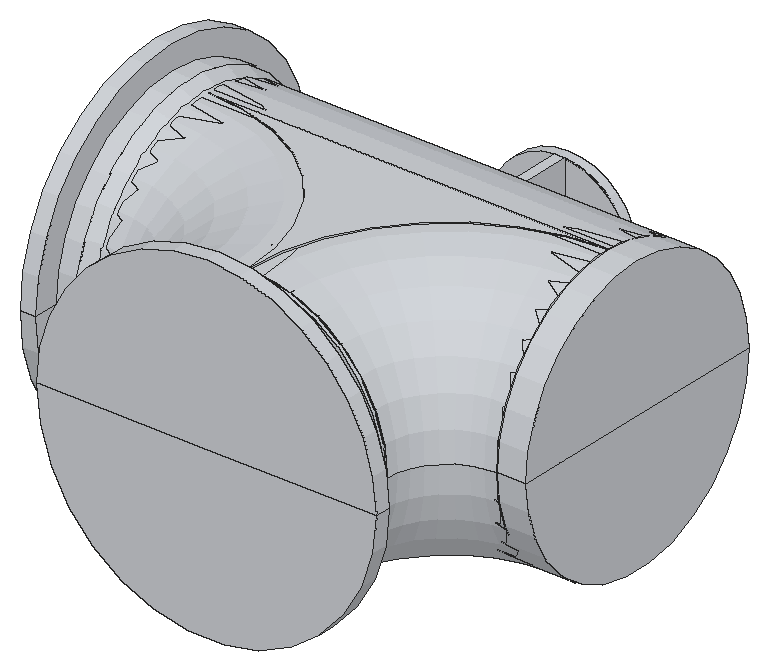
Revit family "fd4755c70e454b188b43645dc46091f0", category Pipe Fittings, Revit 2021
Family settings
  Round Connector Dimension = Use Radius
  Part Type = Tee
  OmniClass Number = 23.60.30.11.14
  OmniClass Title = Pipework Fittings
  Seek Item ID = Tee - PVC - Sch 40-0000-USA-ENU
  Work Plane-Based = No
  Always vertical = Yes
  Cut with Voids When Loaded = No
  Shared = No
Parameters (values of type "Standard")
  Tick Size [instance] = Fitting Outside Diameter * 0.4  # 12.8000"
  Socket Outside Radius [instance] = Socket Outside Diameter / 2  # 16.7500"
  Socket Outside Diameter [instance] = size_lookup(Lookup Table Name, "SOD", 1.08 * Nominal Diameter + 1.1300", Nominal Diameter)  # 33.5000"
  Socket Depth [instance] = if(Nominal Diameter < 14.0000", 2.5000", if(Nominal Diameter < 30.0000", 3.5000", 4.0000"))  # 4.0000"
  Round Base Radius [instance] = Round Base Diameter / 2  # 8.0000"
  Round Base Diameter [instance] = size_lookup(Lookup Table Name, "RBD", 0.43 * Nominal Diameter + 4.7200", Nominal Diameter)  # 16.0000"
  Rib Thickness [instance] = size_lookup(Lookup Table Name, "RThk", 0.03 * Nominal Diameter + 0.4900", Nominal Diameter)  # 1.1500"
  Lookup Table Name = "Base Tee - MJ x PE - DI - Class 250"
  Length 1 [instance] = if(Fitting Outside Radius > Round Base Radius, Round Base Radius, Fitting Outside Radius)  # 8.0000"
  Fitting Outside Radius [instance] = Fitting Outside Diameter / 2  # 16.0000"
  Fitting Outside Diameter [instance] = size_lookup(Lookup Table Name, "FOD", 1.04 * Nominal Diameter + 0.7000", Nominal Diameter)  # 32.0000"
  Nominal Radius [instance] = 15.0000"
  Nominal Diameter [instance] = Nominal Radius * 2  # 30.0000"
  Loss Method = K Coefficient from Table
  K Coefficient Table = "Tee"
  Default Elevation = 0.0000"
  Bevel Length [instance] = size_lookup(Lookup Table Name, "BvLgt", 0.04 * Nominal Diameter + 0.4300", Nominal Diameter)  # 1.5000"
  Center to Socket Bottom 2 Label [instance] = if(Center Radius > Center to Socket Bottom 2, Center Radius + 7.0000", Center to Socket Bottom 2)  # 26.3700"
  Center to Socket Bottom 2 [instance] = size_lookup(Lookup Table Name, "CtSB2", 9.1000" + 0.688 * Nominal Diameter, Nominal Diameter)  # 26.3700"
  Center to Socket Bottom 1 [instance] = size_lookup(Lookup Table Name, "CtSB1", 3.2500" + 0.754 * Nominal Diameter, Nominal Diameter)  # 25.0000"
  Center to Face [instance] = size_lookup(Lookup Table Name, "CtF", 0.65 * Nominal Diameter + 3.1200", Nominal Diameter)  # 23.0000"
  Center Radius Label [instance] = if(Center to Socket Bottom 1 - Center Radius - Bevel Length < 0.5000", Center to Socket Bottom 1 - Bevel Length - 0.5000", Center Radius)  # 23.0000"
  Center Radius [instance] = size_lookup(Lookup Table Name, "CRad", 2.7600" + 0.7232 * Nominal Diameter, Nominal Diameter)  # 23.5000"
  Base Thickness [instance] = size_lookup(Lookup Table Name, "BThk", 0.03 * Nominal Diameter + 0.4900", Nominal Diameter)  # 1.1900"
  Gland Width [instance] = size_lookup(Lookup Table Name, "GWid", 0.03 * Nominal Diameter + 0.9400", Nominal Diameter)  # 1.8100"
  Gland Outside Radius [instance] = Gland Outside Diameter / 2  # 19.5600"
  Gland Outside Diameter [instance] = size_lookup(Lookup Table Name, "GOD", 1.16 * Nominal Diameter + 4.0300", Nominal Diameter)  # 39.1200"
  Angle [instance] = 90.00°  # constant formula
Reference planes (in)
  plane 1 "Center (Front/Back)": y = 0
  plane 2: z = 0
  plane 3 "Center (Left/Right)": x = 0
  plane 4: y = -25
  plane 5: y = 19.56
  plane 6: y = 16.75
  plane 7: y = 16
  plane 8: x = -29
  plane 9: x = -27.19
  plane 10: x = -23.5
  plane 11: x = -25
  plane 12: x = 26.37
  plane 13: x = -16
  plane 14: x = -16.75
  plane 15: x = -19.56
  plane 16: y = -23.5
  plane 17: y = -29
  plane 18: y = -27.19
  plane 19: y = -23
  plane 20: x = -23
  plane 21: x = 23
  plane 22: z = 16
  plane 23: z = -16
  plane 24: y = 12.8
  plane 25: y = -12.8
  plane 26: x = -12.8
  plane 27: x = 12.8
  plane 28: y = 23
  plane 29: y = 21.81
  plane 30: x = -0.575
  plane 31: x = 0.575
  plane 32: z = 0.575
  plane 33: z = -0.575
Forms (in)
  Revolve 1, solid, detail levels fine
    sketch origin (0, 0, 0) x (1, 0, 0) y (0, 1, 0)
      loop
        line (-29, 0) -> (26.37, 0) -> (26.37, 16) -> (-23.5, 16) -> (-25, 16.75) -> (-27.19, 16.75) -> (-27.19, 19.56) -> (-29, 19.56) -> (-29, 0)
      axis (-29, 0) -> (26.37, 0)
    angle from 0 to 360
  Sweep 2, solid, detail levels fine
    path origin (0, 0, 0) x (1, 0, 0) y (0, 1, 0)
      loop
        arc (-23, 0) -> (-6.73654, -6.73654) -> (0, -23) r 23
    profile origin (0, -23, 0) x (1, 0, 0) y (0, 0, 1)
      loop
        circle (0, 0) r 16
  Sweep 3, solid, detail levels fine
    path origin (0, 0, 0) x (-1, 0, 0) y (0, 1, 0)
      loop
        arc (-23, 0) -> (-6.73654, -6.73654) -> (0, -23) r 23
    profile origin (0, -23, 0) x (1, 0, 0) y (0, 0, 1)
      loop
        circle (0, 0) r 16
  Revolve 4, solid, detail levels fine
    sketch origin (0, 0, 0) x (1, 0, 0) y (0, 1, 0)
      loop
        line (0, -23.5) -> (-16, -23.5) -> (-16.75, -25) -> (-16.75, -27.19) -> (-19.56, -27.19) -> (-19.56, -29) -> (0, -29) -> (0, -23.5)
      loop
        line (0, 21.81) -> (0, 23) -> (-8, 23) -> (-8, 21.81) -> (0, 21.81)
      axis (0, 23) -> (0, -29)
    angle from 0 to 360
  Extrusion 5, solid, detail levels fine
    sketch origin (0, 0, 0) x (1, 0, 0) y (0, 1, 0)
      loop
        arc (-23, 0) -> (-6.73654, -6.73654) -> (0, -23) r 23
        arc (0, -23) -> (6.73654, -6.73654) -> (23, 0) r 23
        line (23, 0) -> (-23, 0)
    from -16 to 16
  Extrusion 6, solid, detail levels fine
    sketch origin (0, 0, 0) x (1, 0, 0) y (0, 1, 0)
      loop
        line (-8, 21.81) -> (-8, 0) -> (8, 0) -> (8, 21.81) -> (-8, 21.81)
    from -0.575 to 0.575
  Extrusion 7, solid, detail levels fine
    sketch origin (0, 0, 0) x (0, 1, 0) y (0, 0, 1)
      loop
        line (21.81, 8) -> (0, 8) -> (0, -8) -> (21.81, -8) -> (21.81, 8)
    from -0.575 to 0.575
  Extrusion 8, solid, detail levels fine
    sketch origin (0, 0, 0) x (1, 0, 0) y (0, 0, 1)
      loop
        circle (0, 0) r 16
    from 23 to 25
Cuts and joins
  joined: Revolve 1, Revolve 4, Extrusion 6, Extrusion 7, Extrusion 8
Lines and regions (in)
  model lines, detail levels coarse+medium
    curve 1: line (-29, 12.8, 0) -> (-29, -12.8, 0)
    curve 2: line (26.37, 12.8, 0) -> (26.37, -12.8, 0)
    curve 3: line (-12.8, -29, 0) -> (12.8, -29, 0)
    curve 6: line (-0.575, 0, 0) -> (-0.575, 23, 0)
    curve 7: line (0.575, 0, 0) -> (0.575, 23, 0)
  model lines, style "PipeFitting", detail levels coarse+medium
    curve 4: line (-29, 0, 0) -> (26.37, 0, 0)
    curve 5: line (0, 0, 0) -> (0, -29, 0)
Dimensions and locks (in)
  "Center to Socket Bottom 1": plane 4 to plane 1 "Center (Front/Back)"
  "Fitting Outside Radius": plane 7 to plane 1 "Center (Front/Back)"
  "Socket Outside Radius": plane 6 to plane 1 "Center (Front/Back)"
  "Gland Outside Radius": plane 5 to plane 1 "Center (Front/Back)"
  "Gland Width": plane 8 to plane 9
  "Socket Depth": plane 8 to plane 11
  "Bevel Length": plane 11 to plane 10
  "Center to Socket Bottom 1": plane 11 to plane 3 "Center (Left/Right)"
  "Fitting Outside Radius": plane 13 to plane 3 "Center (Left/Right)"
  "Socket Outside Radius": plane 14 to plane 3 "Center (Left/Right)"
  "Gland Outside Radius": plane 15 to plane 3 "Center (Left/Right)"
  "Bevel Length": plane 16 to plane 4
  "Gland Width": plane 18 to plane 17
  "Socket Depth": plane 4 to plane 17
  "Center Radius Label": plane 1 "Center (Front/Back)" to plane 19
  "Center Radius Label": plane 20 to plane 3 "Center (Left/Right)"
  "Center Radius Label": plane 3 "Center (Left/Right)" to plane 21
  "Fitting Outside Radius": plane 22 to plane 2
  "Fitting Outside Radius": plane 23 to level
  "Tick Size": plane 1 "Center (Front/Back)" to plane 25
  "Tick Size": plane 24 to plane 1 "Center (Front/Back)"
  "Tick Size": plane 3 "Center (Left/Right)" to plane 27
  "Tick Size": plane 26 to plane 3 "Center (Left/Right)"
  "Center to Socket Bottom 2 Label": plane 3 "Center (Left/Right)" to plane 12
  "Base Thickness": plane 28 to plane 29
  "Center to Face": plane 28 to plane 1 "Center (Front/Back)"
  "Round Base Radius": Revolve 4 sketch curve to Revolve 4 sketch curve
  "Round Base Radius": plane 3 "Center (Left/Right)" to Extrusion 6 sketch curve
  "Round Base Radius": Extrusion 6 sketch curve to plane 3 "Center (Left/Right)"
  "Length 1": plane 3 "Center (Left/Right)" to Extrusion 6 sketch curve
  "Length 1": Extrusion 6 sketch curve to plane 3 "Center (Left/Right)"
  equal spacing: plane 30, plane 3 "Center (Left/Right)", plane 31
  "Rib Thickness": plane 30 to plane 31
  equal spacing: plane 33, plane 2, plane 32
  "Rib Thickness": plane 32 to plane 33
  "Round Base Radius": Extrusion 7 sketch curve to plane 2
  "Round Base Radius": plane 2 to Extrusion 7 sketch curve
  "Length 1": Extrusion 7 sketch curve to plane 2
  "Length 1": plane 2 to Extrusion 7 sketch curve
  "Center Radius Label": radius of Sweep 2 sketch curve
  "Fitting Outside Radius": radius of Sweep 2 sketch curve
  "Center Radius Label": radius of Sweep 3 sketch curve
  "Fitting Outside Radius": radius of Sweep 3 sketch curve
  "Center Radius Label": radius of Extrusion 5 sketch curve  (x2)
  "Fitting Outside Radius": radius of Extrusion 8 sketch curve
  aligned and locked: plane 1 "Center (Front/Back)" to Revolve 1 sketch curve
  aligned and locked: plane 8 to Revolve 1 sketch curve
  aligned and locked: Revolve 1 sketch curve to plane 5
  aligned and locked: Revolve 1 sketch curve to plane 7
  aligned and locked: Revolve 1 sketch curve to plane 6
  aligned and locked: plane 12 to Revolve 1 sketch curve
  aligned and locked: Revolve 1 sketch curve to plane 9
  aligned and locked: Revolve 1 sketch curve to Revolve 1 sketch curve
  aligned and locked: plane 11 to Revolve 1 sketch curve
  aligned and locked: plane 10 to Revolve 1 sketch curve
  aligned and locked: plane 19 to Sweep 2 sketch curve
  aligned and locked: plane 20 to Sweep 2 sketch curve
  aligned and locked: Revolve 4 sketch curve to plane 3 "Center (Left/Right)"
  aligned and locked: plane 21 to Sweep 3 sketch curve
  aligned and locked: plane 19 to Sweep 3 sketch curve
  aligned and locked: plane 20 to Extrusion 5 sketch curve  (x2)
  aligned and locked: plane 19 to Extrusion 5 sketch curve  (x3)
  aligned and locked: plane 21 to Extrusion 5 sketch curve  (x3)
  aligned and locked: plane 1 "Center (Front/Back)" to Extrusion 5 sketch curve  (x2)
  aligned and locked: plane 23 to Extrusion 5
  aligned and locked: plane 22 to Extrusion 5
  aligned and locked: plane 27 to curve 3
  aligned and locked: plane 26 to curve 3
  aligned and locked: curve 3 to plane 17
  aligned and locked: plane 25 to curve 2
  aligned and locked: plane 24 to curve 2
  aligned and locked: plane 12 to curve 2
  aligned and locked: plane 25 to curve 1
  aligned and locked: plane 24 to curve 1
  aligned and locked: curve 1 to plane 8
  aligned and locked: curve 5 to plane 3 "Center (Left/Right)"
  aligned and locked: plane 8 to curve 4
  aligned and locked: plane 12 to curve 4
  aligned and locked: plane 17 to curve 5
  aligned and locked: plane 1 "Center (Front/Back)" to curve 5
  aligned and locked: plane 16 to Revolve 4 sketch curve
  aligned and locked: plane 13 to Revolve 4 sketch curve
  aligned and locked: plane 4 to Revolve 4 sketch curve
  aligned and locked: Revolve 4 sketch curve to plane 14
  aligned and locked: Revolve 4 sketch curve to plane 15
  aligned and locked: plane 18 to Revolve 4 sketch curve
  aligned and locked: Revolve 4 sketch curve to plane 17
  aligned and locked: plane 3 "Center (Left/Right)" to Revolve 4 sketch curve
  aligned and locked: Revolve 4 sketch curve to Revolve 4 sketch curve
  aligned and locked: Revolve 4 sketch curve to plane 29
  aligned and locked: plane 28 to Revolve 4 sketch curve
  aligned and locked: Extrusion 6 sketch curve to plane 29
  aligned and locked: Extrusion 6 sketch curve to plane 1 "Center (Front/Back)"
  aligned and locked: plane 33 to Extrusion 6
  aligned and locked: plane 32 to Extrusion 6
  aligned and locked: Extrusion 7 sketch curve to plane 29
  aligned and locked: Extrusion 7 sketch curve to plane 1 "Center (Front/Back)"
  aligned and locked: Extrusion 7 to plane 30
  aligned and locked: Extrusion 7 to plane 31
  aligned and locked: plane 28 to curve 6
  aligned and locked: plane 1 "Center (Front/Back)" to curve 6
  aligned and locked: plane 28 to curve 7
  aligned and locked: curve 7 to plane 31
  aligned and locked: plane 30 to curve 6
  aligned and locked: plane 3 "Center (Left/Right)" to Extrusion 8 sketch curve
  aligned and locked: plane 2 to Extrusion 8 sketch curve
  aligned and locked: plane 19 to Extrusion 8
  aligned and locked: Extrusion 8 to plane 4
Automatic sketch dimensions
  Revolve 1 sketch curve to plane 8 = 1.01143"
  Revolve 1 sketch curve to plane 12 = 1.76143"
  Sweep 2 sketch curve to level = 0.0000"
  profile plane to Sweep 2 sketch curve = 0.0000"
  Sweep 3 sketch curve to level = 0.0000"
  profile plane to Sweep 3 sketch curve = 0.0000"
  Extrusion 5 sketch curve to plane 20 = 0.0000"
  Revolve 4 sketch curve to plane 17 = 5.5000"
  plane 19 to Revolve 4 sketch curve = 1.6000"
Connectors (in)
  piping at (-29, 0, 0), diameter 30, driven by "Nominal Radius"
    settings: on Revolve 1, index 1, connector inside diameter 30.0000", connector length 0.0000", flow factor 0, pipe flow 0 GPM, pressure drop 0.00 psi, fitting loss kfactor 0, connector angle 0.00°, fixture units 0, engagement length 0.0000", angle of deflection 0.00°, flow configuration 0, flow direction 0, fitting loss method 0, system type 28, joint type 0, gender type 0, connector reference index 2, connector utility 0, adjustable connector no, is connector primary yes, connector description ""
  piping at (26.37, 0, 0), diameter 30, driven by "Nominal Radius"
    settings: on cut or joined group of Revolve 1, Revolve 4, Extrusion 6, Extrusion 7, Extrusion 8, index 2, connector inside diameter 30.0000", connector length 0.0000", flow factor 0, pipe flow 0 GPM, pressure drop 0.00 psi, fitting loss kfactor 0, connector angle 0.00°, fixture units 0, engagement length 0.0000", angle of deflection 0.00°, flow configuration 0, flow direction 0, fitting loss method 0, system type 28, joint type 0, gender type 0, connector reference index 1, connector utility 0, adjustable connector no, is connector primary no, connector description ""
  piping at (0, -29, 0), diameter 30, driven by "Nominal Radius"
    settings: on cut or joined group of Revolve 1, Revolve 4, Extrusion 6, Extrusion 7, Extrusion 8, index 3, connector inside diameter 30.0000", connector length 0.0000", flow factor 0, pipe flow 0 GPM, pressure drop 0.00 psi, fitting loss kfactor 0, connector angle 0.00°, fixture units 0, engagement length 0.0000", angle of deflection 0.00°, flow configuration 0, flow direction 0, fitting loss method 0, system type 28, joint type 0, gender type 0, connector reference index -1, connector utility 0, adjustable connector no, is connector primary no, connector description ""
